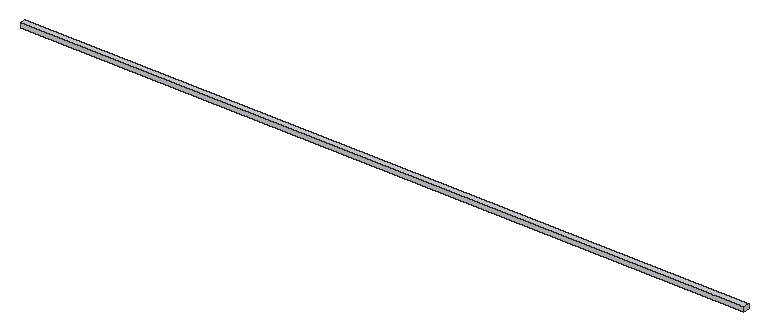
Revit family "DUAL WHITE 2216 IP 65_S2424.SW.1", category Luminarias, Revit 2019
Family settings
  Cota de conector redondo = Diámetro de uso
  Tipo de pieza = Normal
  Se basa en plano de trabajo = Sí
  Siempre vertical = No
  Corte con vacíos al cargar = No
  Origen de luz = Sí
  Compartido = No
  Punto de cálculo de habitación = No
Parameters (values of type "DUAL WHITE 2216 IP 65_S2424.SW.1")
  Tilt Angle = 60.00°
  built-in parameter 1010506 = 0.5236 (stored number, unit not read)
  built-in parameter 1010507 = 1.5708 (stored number, unit not read)
  Zone [instance] = ""
  Watt per fixture [instance] = (Longitud / 1000 mm) * (19.2)  # 19.2
  Wattage = 19.2 W
  built-in parameter 1150107 = 2700 (stored number, unit not read)
  built-in parameter 1150110 = 1 (stored number, unit not read)
  built-in parameter 1150109 = 1 (stored number, unit not read)
  built-in parameter 1150112 = 1 (stored number, unit not read)
  built-in parameter 1150113 = 1 (stored number, unit not read)
  built-in parameter 1114218 = 1 (stored number, unit not read)
  built-in parameter 1150137 = (empty or 0)
  built-in parameter 1150132 = (empty or 0)
  Modelo = "S2424.SW.1"
  Lámpara = "2216 SMD"
  Longitud de símbolo de origen de luz = 1500 mm
  Longitud de línea de emisión = 600 mm
  Longitud [instance] = 1000 mm
  built-in parameter 1150105 = 5135.7 (stored number, unit not read)
  built-in parameter 1150102 = (empty or 0)
  built-in parameter 1150106 = 51.357 (stored number, unit not read)
  Lumens = 1536 lm
  Color Filter = 16777215
  built-in parameter 1114217 = 1 (stored number, unit not read)
  built-in parameter 1150139 = (empty or 0)
  Fabricante = "BRILLANT"
  Default Elevation = 0 mm
  built-in parameter 1150104 = 7.4322 (stored number, unit not read)
  Descripción = "TIRA LED DUAL WHITE 8MM DE ANCHO IP65 USO PARA INTERIORES COMO PARA EXTERIORES, DE PCB BLANCO CON RECUBRIMIENTO, TONO AJUSTABLE DE TRES HILOS Y BANDA DE ALTA INTENSIDAD, CON UNA POTENCIA DE 19.2W/M DE UN TIPO DE LED 2216 SMD, IRC90, 240 LEDS POR METRO, PRESENTACION DE 5M, TEMPERATURA DESDE BLANCO CALIDO A BLANCO FRIO 2700-6000K, 1300 LUMENES POR METRO, EFICIENCIA DE 80 LM/W, CORTE A 5CM, ALIMENTADA A 24V, REQUIERE ACCESORIOS COMO: FUENTE DE PODER Y CABLE DE ALIMENTACION. PERFIL PARA SOBREPONER, SPLIT BOX, CONTROL PARA ATENUAR TIRA, CONTROLADOR DMX, Y MEMORIA PARA ESCENAS/CONTROL."
  built-in parameter 1150115 = 1 (stored number, unit not read)
  built-in parameter 1150114 = 1 (stored number, unit not read)
  Costo USD_S2424.SW.1 [instance] = (Longitud / 1000 mm) * (15)  # 15
  Cost = 0
  Comentarios de vataje = "24V"
  built-in parameter 1150138 = (empty or 0)
  built-in parameter 1150134 = (empty or 0)
  Circuit [instance] = ""
  Dimming Lamp Color Temperature Shift = (empty or 0)
  Ancho = 8 mm
  built-in parameter 1150133 = 10 (stored number, unit not read)
Reference planes
  plane 1 "Centro (Frontal/Posterior)": y = 0
  plane 2: z = 0
  plane 3 "Centro (Izquierda/Derecha)": x = 0
  plane 4: x = 0
  plane 5: z = 12
  plane 6: x = -1000
  plane 7: y = 4
  plane 8: y = -4
Forms (mm)
  Extrusion 1, solid
    sketch origin (0, 0, 0) x (1, 0, 0) y (0, 1, 0)
      loop
        line (-1000, 4) -> (-1000, -4) -> (0, -4) -> (0, 4) -> (-1000, 4)
    from 0 to 6.038
Dimensions and locks
  "Longitud": plane 6 to plane 4
  equal spacing: plane 7, plane 1 "Centro (Frontal/Posterior)", plane 8
  plane 1 "Centro (Frontal/Posterior)" to plane 7 = 4 mm
  "Ancho": plane 7 to plane 8
  "Longitud": plane 6 to plane 3 "Centro (Izquierda/Derecha)"
  aligned and locked: level to plane 2
  aligned and locked: Extrusion 1 to plane 4
  aligned and locked: plane 6 to Extrusion 1
  aligned and locked: plane 3 "Centro (Izquierda/Derecha)" to Extrusion 1
  aligned and locked: Extrusion 1 to plane 7
  aligned and locked: Extrusion 1 to plane 8
Automatic sketch dimensions
  Extrusion 1 sketch curve to plane 6 = 0 mm
  Extrusion 1 sketch curve to plane 3 "Centro (Izquierda/Derecha)" = 0 mm
  plane 1 "Centro (Frontal/Posterior)" to Extrusion 1 sketch curve = 4 mm
  Extrusion 1 sketch curve to plane 1 "Centro (Frontal/Posterior)" = 4 mm
Connectors
  electrical at (0, 0, 3.019)
    settings: on Extrusion 1, index 1, voltage 24 V, apparent load 0 VA, apparent load phase1 0 VA, apparent load phase2 0 VA, apparent load phase3 0 VA, power factor 1, load classification "Otro", number of poles 1, system type 31, power factor state 1, is connector primary yes, connector utility no, sub classification motor no, connector description ""
